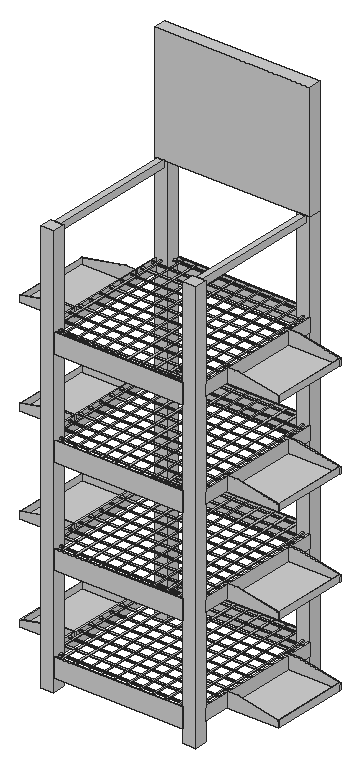
Revit family "BR", category Specialty Equipment, Revit 2012
Parameters (values of type "Battery Rack Kit (Default)")
  URL = "http://madixinc.com/display/freestanding.html"
  Right Battery Rack Shelves [instance] = yes
  Model = "Battery Rack Kit"
  Manufacturer = "© 2012 Madix, Inc. All rights reserved."
  Left Battery Rack Shelves [instance] = yes
Reference planes (in)
  plane 1 "Center (Front/Back)": y = 0
  plane 2: z = 0
  plane 3 "Center (Left/Right)": x = 0
  plane 4: x = -12
  plane 5: x = 12
  plane 6: x = -10
  plane 7: x = 10
  plane 8: y = 12
  plane 9: y = -12
  plane 10: y = 10
  plane 11: y = -10
  plane 12: z = 64
  plane 13: z = 2
  plane 14: z = 5
  plane 15: z = 17
  plane 16: z = 20
  plane 17: z = 82
  plane 18: z = 32
  plane 19: z = 35
  plane 20: z = 47
  plane 21: z = 50
  plane 22: z = 63
  plane 23: y = 6
  plane 24: y = 5.875
  plane 25: y = -6
  plane 26: y = -5.875
Forms (in)
  Extrusion 1, solid, material "Metal - Steel"
    sketch origin (0, 0, 0) x (1, 0, 0) y (0, 1, 0)
      loop
        line (-12, 12) -> (-12, 10) -> (-10, 10) -> (-10, 12) -> (-12, 12)
      loop
        line (10, 12) -> (10, 10) -> (12, 10) -> (12, 12) -> (10, 12)
      loop
        line (10, -10) -> (10, -12) -> (12, -12) -> (12, -10) -> (10, -10)
      loop
        line (-12, -10) -> (-12, -12) -> (-10, -12) -> (-10, -10) -> (-12, -10)
    from 0 to 64
  Extrusion 2, solid, material "Metal - Steel"
    sketch origin (0, 0, 0) x (0, 1, 0) y (0, 0, 1)
      loop
        line (12, 5) -> (11.75, 5) -> (11.75, 2) -> (12, 2) -> (12, 5)
      loop
        line (-12, 5) -> (-12, 2) -> (-11.75, 2) -> (-11.75, 5) -> (-12, 5)
      loop
        line (12, 20) -> (11.75, 20) -> (11.75, 17) -> (12, 17) -> (12, 20)
      loop
        line (-12, 20) -> (-12, 17) -> (-11.75, 17) -> (-11.75, 20) -> (-12, 20)
      loop
        line (12, 35) -> (11.75, 35) -> (11.75, 32) -> (12, 32) -> (12, 35)
      loop
        line (-12, 35) -> (-12, 32) -> (-11.75, 32) -> (-11.75, 35) -> (-12, 35)
      loop
        line (12, 50) -> (11.75, 50) -> (11.75, 47) -> (12, 47) -> (12, 50)
      loop
        line (-12, 50) -> (-12, 47) -> (-11.75, 47) -> (-11.75, 50) -> (-12, 50)
    from -10 to 10
  Extrusion 3, solid, material "Metal - Steel"
    sketch origin (0, 0, 0) x (1, 0, 0) y (0, 1, 0)
      loop
        line (-12, 12) -> (-12, 10) -> (12, 10) -> (12, 12) -> (-12, 12)
    from 64 to 82
  Extrusion 4, solid, material "Metal - Steel"
    sketch origin (0, 0, 0) x (1, 0, 0) y (0, 0, 1)
      loop
        line (12, 3) -> (12, 5) -> (11.75, 5) -> (11.75, 3) -> (12, 3)
      loop
        line (-12, 3) -> (-11.75, 3) -> (-11.75, 5) -> (-12, 5) -> (-12, 3)
      loop
        line (12, 18) -> (12, 20) -> (11.75, 20) -> (11.75, 18) -> (12, 18)
      loop
        line (-12, 18) -> (-11.75, 18) -> (-11.75, 20) -> (-12, 20) -> (-12, 18)
      loop
        line (12, 33) -> (12, 35) -> (11.75, 35) -> (11.75, 33) -> (12, 33)
      loop
        line (-12, 33) -> (-11.75, 33) -> (-11.75, 35) -> (-12, 35) -> (-12, 33)
      loop
        line (12, 48) -> (12, 50) -> (11.75, 50) -> (11.75, 48) -> (12, 48)
      loop
        line (-12, 48) -> (-11.75, 48) -> (-11.75, 50) -> (-12, 50) -> (-12, 48)
    from -10 to 10
  Extrusion 5, solid, material "Metal - Steel"
    sketch origin (0, 0, 0) x (1, 0, 0) y (0, 0, 1)
      loop
        circle (-9, 49.875) r 0.125
      loop
        circle (-7, 49.875) r 0.125
      loop
        circle (-5, 49.875) r 0.125
      loop
        circle (-3, 49.875) r 0.125
      loop
        circle (-1, 49.875) r 0.125
      loop
        circle (1, 49.875) r 0.125
      loop
        circle (3, 49.875) r 0.125
      loop
        circle (5, 49.875) r 0.125
      loop
        circle (7, 49.875) r 0.125
      loop
        circle (9, 49.875) r 0.125
      loop
        circle (-9, 34.875) r 0.125
      loop
        circle (-7, 34.875) r 0.125
      loop
        circle (-5, 34.875) r 0.125
      loop
        circle (-3, 34.875) r 0.125
      loop
        circle (-1, 34.875) r 0.125
      loop
        circle (1, 34.875) r 0.125
      loop
        circle (3, 34.875) r 0.125
      loop
        circle (5, 34.875) r 0.125
      loop
        circle (7, 34.875) r 0.125
      loop
        circle (9, 34.875) r 0.125
      loop
        circle (-9, 19.875) r 0.125
      loop
        circle (-7, 19.875) r 0.125
      loop
        circle (-5, 19.875) r 0.125
      loop
        circle (-3, 19.875) r 0.125
      loop
        circle (-1, 19.875) r 0.125
      loop
        circle (1, 19.875) r 0.125
      loop
        circle (3, 19.875) r 0.125
      loop
        circle (5, 19.875) r 0.125
      loop
        circle (7, 19.875) r 0.125
      loop
        circle (9, 19.875) r 0.125
      loop
        circle (-9, 4.875) r 0.125
      loop
        circle (-7, 4.875) r 0.125
      loop
        circle (-5, 4.875) r 0.125
      loop
        circle (-3, 4.875) r 0.125
      loop
        circle (-1, 4.875) r 0.125
      loop
        circle (1, 4.875) r 0.125
      loop
        circle (3, 4.875) r 0.125
      loop
        circle (5, 4.875) r 0.125
      loop
        circle (7, 4.875) r 0.125
      loop
        circle (9, 4.875) r 0.125
    from -11.75 to 11.75
  Extrusion 6, solid, material "Metal - Steel"
    sketch origin (0, 0, 0) x (1, 0, 0) y (0, 0, 1)
      loop
        circle (-11, 34.875) r 0.125
      loop
        circle (11, 34.875) r 0.125
      loop
        circle (-11, 19.875) r 0.125
      loop
        circle (11, 19.875) r 0.125
      loop
        circle (-11, 4.875) r 0.125
      loop
        circle (11, 4.875) r 0.125
      loop
        circle (-11, 49.875) r 0.125
      loop
        circle (11, 49.875) r 0.125
    from -10 to 10
  Extrusion 7, solid, material "Metal - Steel"
    sketch origin (0, 0.125, 0) x (0, -1, 0) y (0, 0, 1)
      loop
        circle (-9, 49.875) r 0.125
      loop
        circle (-7, 49.875) r 0.125
      loop
        circle (-5, 49.875) r 0.125
      loop
        circle (-3, 49.875) r 0.125
      loop
        circle (-1, 49.875) r 0.125
      loop
        circle (1, 49.875) r 0.125
      loop
        circle (3, 49.875) r 0.125
      loop
        circle (5, 49.875) r 0.125
      loop
        circle (7, 49.875) r 0.125
      loop
        circle (9, 49.875) r 0.125
      loop
        circle (-9, 34.875) r 0.125
      loop
        circle (-7, 34.875) r 0.125
      loop
        circle (-5, 34.875) r 0.125
      loop
        circle (-3, 34.875) r 0.125
      loop
        circle (-1, 34.875) r 0.125
      loop
        circle (1, 34.875) r 0.125
      loop
        circle (3, 34.875) r 0.125
      loop
        circle (5, 34.875) r 0.125
      loop
        circle (7, 34.875) r 0.125
      loop
        circle (9, 34.875) r 0.125
      loop
        circle (-9, 19.875) r 0.125
      loop
        circle (-7, 19.875) r 0.125
      loop
        circle (-5, 19.875) r 0.125
      loop
        circle (-3, 19.875) r 0.125
      loop
        circle (-1, 19.875) r 0.125
      loop
        circle (1, 19.875) r 0.125
      loop
        circle (3, 19.875) r 0.125
      loop
        circle (5, 19.875) r 0.125
      loop
        circle (7, 19.875) r 0.125
      loop
        circle (9, 19.875) r 0.125
      loop
        circle (-9, 4.875) r 0.125
      loop
        circle (-7, 4.875) r 0.125
      loop
        circle (-5, 4.875) r 0.125
      loop
        circle (-3, 4.875) r 0.125
      loop
        circle (-1, 4.875) r 0.125
      loop
        circle (1, 4.875) r 0.125
      loop
        circle (3, 4.875) r 0.125
      loop
        circle (5, 4.875) r 0.125
      loop
        circle (7, 4.875) r 0.125
      loop
        circle (9, 4.875) r 0.125
    from -11.75 to 11.75
  Extrusion 8, solid, material "Metal - Steel"
    sketch origin (0, 0.125, 0) x (0, -1, 0) y (0, 0, 1)
      loop
        circle (-11, 34.875) r 0.125
      loop
        circle (11, 34.875) r 0.125
      loop
        circle (-11, 19.875) r 0.125
      loop
        circle (11, 19.875) r 0.125
      loop
        circle (-11, 4.875) r 0.125
      loop
        circle (11, 4.875) r 0.125
      loop
        circle (-11, 49.875) r 0.125
      loop
        circle (11, 49.875) r 0.125
    from -10 to 10
  Extrusion 9, solid, material "Metal - Steel"
    sketch origin (0, 0, 0) x (1, 0, 0) y (0, 1, 0)
      loop
        line (-11.5, 10) -> (-11.5, -10) -> (-10.5, -10) -> (-10.5, 10) -> (-11.5, 10)
      loop
        line (11.5, 10) -> (10.5, 10) -> (10.5, -10) -> (11.5, -10) -> (11.5, 10)
    from 63 to 64
  Extrusion 10, solid, material "Metal - Steel", visible <- "Left Battery Rack Shelves"
    sketch origin (0, 0, -45) x (1, 0, 0) y (0, 0, 1)
      loop
        line (-11.75, 50) -> (-11.75, 49) -> (-11.5, 49) -> (-11.5, 50.25) -> (-13.5, 50.25) -> (-20, 49) -> (-20, 48) -> (-12, 48) -> (-12, 50) -> (-11.75, 50)
    from 5.875 to 6
  Extrusion 11, solid, material "Metal - Steel", visible <- "Left Battery Rack Shelves"
    sketch origin (0, 0, -45) x (1, 0, 0) y (0, 0, -1)
      loop
        line (-11.75, -50) -> (-12, -50) -> (-12, -48) -> (-20, -48) -> (-20, -49) -> (-13.5, -50.25) -> (-11.5, -50.25) -> (-11.5, -49) -> (-11.75, -49) -> (-11.75, -50)
    from 5.875 to 6
  Extrusion 12, solid, material "Metal - Steel", visible <- "Right Battery Rack Shelves"
    sketch origin (0, 0, -45) x (-1, 0, 0) y (0, 0, -1)
      loop
        line (-11.75, -50) -> (-12, -50) -> (-12, -48) -> (-20, -48) -> (-20, -49) -> (-13.5, -50.25) -> (-11.5, -50.25) -> (-11.5, -49) -> (-11.75, -49) -> (-11.75, -50)
    from 5.875 to 6
  Extrusion 13, solid, material "Metal - Steel", visible <- "Right Battery Rack Shelves"
    sketch origin (0, 0, -45) x (-1, 0, 0) y (0, 0, 1)
      loop
        line (-11.75, 50) -> (-11.75, 49) -> (-11.5, 49) -> (-11.5, 50.25) -> (-13.5, 50.25) -> (-20, 49) -> (-20, 48) -> (-12, 48) -> (-12, 50) -> (-11.75, 50)
    from 5.875 to 6
  Extrusion 14, solid, material "Metal - Steel", visible <- "Left Battery Rack Shelves"
    sketch origin (0, 0, -30) x (1, 0, 0) y (0, 0, 1)
      loop
        line (-11.75, 50) -> (-11.75, 49) -> (-11.5, 49) -> (-11.5, 50.25) -> (-13.5, 50.25) -> (-20, 49) -> (-20, 48) -> (-12, 48) -> (-12, 50) -> (-11.75, 50)
    from 5.875 to 6
  Extrusion 15, solid, material "Metal - Steel", visible <- "Left Battery Rack Shelves"
    sketch origin (0, 0, -30) x (1, 0, 0) y (0, 0, -1)
      loop
        line (-11.75, -50) -> (-12, -50) -> (-12, -48) -> (-20, -48) -> (-20, -49) -> (-13.5, -50.25) -> (-11.5, -50.25) -> (-11.5, -49) -> (-11.75, -49) -> (-11.75, -50)
    from 5.875 to 6
  Extrusion 16, solid, material "Metal - Steel", visible <- "Right Battery Rack Shelves"
    sketch origin (0, 0, -30) x (-1, 0, 0) y (0, 0, -1)
      loop
        line (-11.75, -50) -> (-12, -50) -> (-12, -48) -> (-20, -48) -> (-20, -49) -> (-13.5, -50.25) -> (-11.5, -50.25) -> (-11.5, -49) -> (-11.75, -49) -> (-11.75, -50)
    from 5.875 to 6
  Extrusion 17, solid, material "Metal - Steel", visible <- "Right Battery Rack Shelves"
    sketch origin (0, 0, -30) x (-1, 0, 0) y (0, 0, 1)
      loop
        line (-11.75, 50) -> (-11.75, 49) -> (-11.5, 49) -> (-11.5, 50.25) -> (-13.5, 50.25) -> (-20, 49) -> (-20, 48) -> (-12, 48) -> (-12, 50) -> (-11.75, 50)
    from 5.875 to 6
  Extrusion 18, solid, material "Metal - Steel", visible <- "Left Battery Rack Shelves"
    sketch origin (0, 0, -15) x (1, 0, 0) y (0, 0, 1)
      loop
        line (-11.75, 50) -> (-11.75, 49) -> (-11.5, 49) -> (-11.5, 50.25) -> (-13.5, 50.25) -> (-20, 49) -> (-20, 48) -> (-12, 48) -> (-12, 50) -> (-11.75, 50)
    from 5.875 to 6
  Extrusion 19, solid, material "Metal - Steel", visible <- "Left Battery Rack Shelves"
    sketch origin (0, 0, -15) x (1, 0, 0) y (0, 0, -1)
      loop
        line (-11.75, -50) -> (-12, -50) -> (-12, -48) -> (-20, -48) -> (-20, -49) -> (-13.5, -50.25) -> (-11.5, -50.25) -> (-11.5, -49) -> (-11.75, -49) -> (-11.75, -50)
    from 5.875 to 6
  Extrusion 20, solid, material "Metal - Steel", visible <- "Right Battery Rack Shelves"
    sketch origin (0, 0, -15) x (-1, 0, 0) y (0, 0, -1)
      loop
        line (-11.75, -50) -> (-12, -50) -> (-12, -48) -> (-20, -48) -> (-20, -49) -> (-13.5, -50.25) -> (-11.5, -50.25) -> (-11.5, -49) -> (-11.75, -49) -> (-11.75, -50)
    from 5.875 to 6
  Extrusion 21, solid, material "Metal - Steel", visible <- "Right Battery Rack Shelves"
    sketch origin (0, 0, -15) x (-1, 0, 0) y (0, 0, 1)
      loop
        line (-11.75, 50) -> (-11.75, 49) -> (-11.5, 49) -> (-11.5, 50.25) -> (-13.5, 50.25) -> (-20, 49) -> (-20, 48) -> (-12, 48) -> (-12, 50) -> (-11.75, 50)
    from 5.875 to 6
  Extrusion 22, solid, material "Metal - Steel", visible <- "Left Battery Rack Shelves"
    sketch origin (0, 0, 0) x (1, 0, 0) y (0, 0, 1)
      loop
        line (-11.75, 50) -> (-11.75, 49) -> (-11.5, 49) -> (-11.5, 50.25) -> (-13.5, 50.25) -> (-20, 49) -> (-20, 48) -> (-12, 48) -> (-12, 50) -> (-11.75, 50)
    from 5.875 to 6
  Extrusion 23, solid, material "Metal - Steel", visible <- "Left Battery Rack Shelves"
    sketch origin (0, 0, 0) x (1, 0, 0) y (0, 0, -1)
      loop
        line (-11.75, -50) -> (-12, -50) -> (-12, -48) -> (-20, -48) -> (-20, -49) -> (-13.5, -50.25) -> (-11.5, -50.25) -> (-11.5, -49) -> (-11.75, -49) -> (-11.75, -50)
    from 5.875 to 6
  Extrusion 24, solid, material "Metal - Steel", visible <- "Right Battery Rack Shelves"
    sketch origin (0, 0, 0) x (-1, 0, 0) y (0, 0, -1)
      loop
        line (-11.75, -50) -> (-12, -50) -> (-12, -48) -> (-20, -48) -> (-20, -49) -> (-13.5, -50.25) -> (-11.5, -50.25) -> (-11.5, -49) -> (-11.75, -49) -> (-11.75, -50)
    from 5.875 to 6
  Extrusion 25, solid, material "Metal - Steel", visible <- "Right Battery Rack Shelves"
    sketch origin (0, 0, 0) x (-1, 0, 0) y (0, 0, 1)
      loop
        line (-11.75, 50) -> (-11.75, 49) -> (-11.5, 49) -> (-11.5, 50.25) -> (-13.5, 50.25) -> (-20, 49) -> (-20, 48) -> (-12, 48) -> (-12, 50) -> (-11.75, 50)
    from 5.875 to 6
  Extrusion 26, solid, material "Metal - Steel", visible <- "Left Battery Rack Shelves"
    sketch origin (0, 0, 0) x (1, 0, 0) y (0, 0, 1)
      loop
        line (-20, 49) -> (-20, 48) -> (-12, 48) -> (-12, 48.125) -> (-19.875, 48.125) -> (-19.875, 49) -> (-20, 49)
      loop
        line (-20, 34) -> (-20, 33) -> (-12, 33) -> (-12, 33.125) -> (-19.875, 33.125) -> (-19.875, 34) -> (-20, 34)
      loop
        line (-20, 19) -> (-20, 18) -> (-12, 18) -> (-12, 18.125) -> (-19.875, 18.125) -> (-19.875, 19) -> (-20, 19)
      loop
        line (-20, 4) -> (-20, 3) -> (-12, 3) -> (-12, 3.125) -> (-19.875, 3.125) -> (-19.875, 4) -> (-20, 4)
    from -5.875 to 5.875
  Extrusion 27, solid, material "Metal - Steel", visible <- "Right Battery Rack Shelves"
    sketch origin (0, 0, -45) x (-1, 0, 0) y (0, 0, -1)
      loop
        line (-11.75, -50) -> (-12, -50) -> (-12, -48) -> (-20, -48) -> (-20, -49) -> (-13.5, -50.25) -> (-11.5, -50.25) -> (-11.5, -49) -> (-11.75, -49) -> (-11.75, -50)
    from 5.875 to 6
  Extrusion 28, solid, material "Metal - Steel", visible <- "Right Battery Rack Shelves"
    sketch origin (0, 0, -45) x (-1, 0, 0) y (0, 0, 1)
      loop
        line (-11.75, 50) -> (-11.75, 49) -> (-11.5, 49) -> (-11.5, 50.25) -> (-13.5, 50.25) -> (-20, 49) -> (-20, 48) -> (-12, 48) -> (-12, 50) -> (-11.75, 50)
    from 5.875 to 6
  Extrusion 29, solid, material "Metal - Steel", visible <- "Right Battery Rack Shelves"
    sketch origin (0, 0, -30) x (-1, 0, 0) y (0, 0, -1)
      loop
        line (-11.75, -50) -> (-12, -50) -> (-12, -48) -> (-20, -48) -> (-20, -49) -> (-13.5, -50.25) -> (-11.5, -50.25) -> (-11.5, -49) -> (-11.75, -49) -> (-11.75, -50)
    from 5.875 to 6
  Extrusion 30, solid, material "Metal - Steel", visible <- "Right Battery Rack Shelves"
    sketch origin (0, 0, -30) x (-1, 0, 0) y (0, 0, 1)
      loop
        line (-11.75, 50) -> (-11.75, 49) -> (-11.5, 49) -> (-11.5, 50.25) -> (-13.5, 50.25) -> (-20, 49) -> (-20, 48) -> (-12, 48) -> (-12, 50) -> (-11.75, 50)
    from 5.875 to 6
  Extrusion 31, solid, material "Metal - Steel", visible <- "Right Battery Rack Shelves"
    sketch origin (0, 0, -15) x (-1, 0, 0) y (0, 0, -1)
      loop
        line (-11.75, -50) -> (-12, -50) -> (-12, -48) -> (-20, -48) -> (-20, -49) -> (-13.5, -50.25) -> (-11.5, -50.25) -> (-11.5, -49) -> (-11.75, -49) -> (-11.75, -50)
    from 5.875 to 6
  Extrusion 32, solid, material "Metal - Steel", visible <- "Right Battery Rack Shelves"
    sketch origin (0, 0, -15) x (-1, 0, 0) y (0, 0, 1)
      loop
        line (-11.75, 50) -> (-11.75, 49) -> (-11.5, 49) -> (-11.5, 50.25) -> (-13.5, 50.25) -> (-20, 49) -> (-20, 48) -> (-12, 48) -> (-12, 50) -> (-11.75, 50)
    from 5.875 to 6
  Extrusion 33, solid, material "Metal - Steel", visible <- "Right Battery Rack Shelves"
    sketch origin (0, 0, 0) x (-1, 0, 0) y (0, 0, -1)
      loop
        line (-11.75, -50) -> (-12, -50) -> (-12, -48) -> (-20, -48) -> (-20, -49) -> (-13.5, -50.25) -> (-11.5, -50.25) -> (-11.5, -49) -> (-11.75, -49) -> (-11.75, -50)
    from 5.875 to 6
  Extrusion 34, solid, material "Metal - Steel", visible <- "Right Battery Rack Shelves"
    sketch origin (0, 0, 0) x (-1, 0, 0) y (0, 0, 1)
      loop
        line (-11.75, 50) -> (-11.75, 49) -> (-11.5, 49) -> (-11.5, 50.25) -> (-13.5, 50.25) -> (-20, 49) -> (-20, 48) -> (-12, 48) -> (-12, 50) -> (-11.75, 50)
    from 5.875 to 6
  Extrusion 35, solid, material "Metal - Steel", visible <- "Right Battery Rack Shelves"
    sketch origin (0, 0, 0) x (-1, 0, 0) y (0, 0, -1)
      loop
        line (-20, -49) -> (-19.875, -49) -> (-19.875, -48.125) -> (-12, -48.125) -> (-12, -48) -> (-20, -48) -> (-20, -49)
      loop
        line (-20, -34) -> (-19.875, -34) -> (-19.875, -33.125) -> (-12, -33.125) -> (-12, -33) -> (-20, -33) -> (-20, -34)
      loop
        line (-20, -19) -> (-19.875, -19) -> (-19.875, -18.125) -> (-12, -18.125) -> (-12, -18) -> (-20, -18) -> (-20, -19)
      loop
        line (-20, -4) -> (-19.875, -4) -> (-19.875, -3.125) -> (-12, -3.125) -> (-12, -3) -> (-20, -3) -> (-20, -4)
    from -5.875 to 5.875
Dimensions and locks (in)
  aligned and locked: level to plane 2
